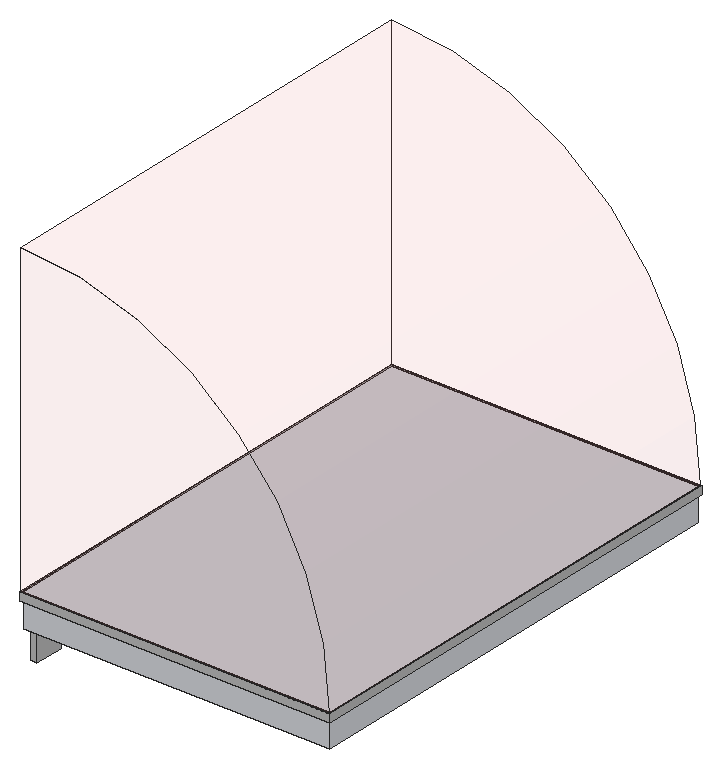
Revit family "Door_Access_Fire-Ceiling_Acudor_FWC-5015", category Generic Models, host Face, Revit 2020
Family settings
  Host = Face
  Can host rebar = No
  Round Connector Dimension = Use Diameter
  Part Type = Normal
  Cut with Voids When Loaded = No
  Shared = No
  Room Calculation Point = No
Parameters (values of type "24 x 36 Nom")
  Warranty Duration (Years) = 0
  Unit Width = 2' - 0 3/16"
  Unit Weight = 44
  Unit Height = 3' - 0 3/16"
  Unit Depth = 0' - 5"
  URL = "http://www.acudor.com/"
  Test Data = ""
  Swing Clearance Visible [instance] = yes
  Standards Conformance = "CAN/ULC S101-14  ;  ASTM E119-16  ;  NFPA 251"
  Specification = ""
  SpecWizard = ""
  Send Message = ""
  Sales Information = "http://www.acudor.com/contactus"
  Revision = "R1_2017-03"
  Product Properties = ""
  Product Data = "http://www.arcat.com/arcatcos/cos30/arc30126.html"
  Overall Width = 2' - 2 1/2"
  Overall Height = 3' - 2 1/2"
  Opening Width = Unit Width + 0' 0 3/8"  # 2' - 0 9/16"
  Opening Height = Unit Height + 0' 0 3/8"  # 3' - 0 9/16"
  Opening Depth [instance] = 1' - 0"
  Mounting Height [instance] = 2' - 0"
  Model = "FWC-5015"
  Manufacturer Website = "http://www.acudor.com/"
  Manufacturer Phone - Toll Free = "800-722-0501"
  Manufacturer Phone = "973-575-5120"
  Manufacturer Fax = "973-575-5160"
  Manufacturer Address = "80 Little Falls Rd.  Fairfield, NJ 07004"
  Manufacturer = "Acudor Products Inc"
  Maintenance Schedule (Months) = 0
  Keynote = ""
  Installation-Fabrication = ""
  Installation Phase = ""
  Green Building-LEED = "http://www.arcat.com/green/clients/leed_data_30126.html"
  Fixture Finish [instance] = Metal - Acudor - Steel
  Fire Performance = "90 MIN"
  Expected Lifespan (Years) = 0
  Drywall Finish [instance] = none
  Drawn By = "Sumex Design, Inc. / Robert S. Weygant, CSI, CDT, SCIP"
  Door Width = Unit Width - 0' 0 1/8"  # 2' - 0 1/16"
  Door Height = Unit Height - 0' 0 1/8"  # 3' - 0 1/16"
  Description = "Acudor Fire Rated Recessed Flush Ceiling Drywall Access Door - FWC-5015 as Specified"
  Default Elevation = 0' - 0"  # constant formula
  Copyright = "©Arcat Inc."
  Construction Details = ""
  Clearance Material [instance] = ARCAT Clearance
  Clear Opening Width = 1' - 11.89"
  Clear Opening Height = 2' - 11.83"
  Available Options [instance] = "as Specified"
  Assembly Code = ""
Types (8): name | Unit Width | Unit Weight | Unit Height | Overall Width | Overall Height | Opening Width | Opening Height | Door Width | Door Height | Clear Opening Width | Clear Opening Height
  24 x 36 Nom | 2' - 0 3/16" | 44 | 3' - 0 3/16" | 2' - 2 1/2" | 3' - 2 1/2" | 2' - 0 9/16" | 3' - 0 9/16" | 2' - 0 1/16" | 3' - 0 1/16" | 1' - 11.89" | 2' - 11.83"
  24 x 24 Nom | 2' - 0 3/16" | 35 | 2' - 0 3/16" | 2' - 2 1/2" | 2' - 2 1/2" | 2' - 0 9/16" | 2' - 0 9/16" | 2' - 0 1/16" | 2' - 0 1/16" | 1' - 11.89" | 1' - 11.83"
  22 x 36 Nom | 1' - 10 3/16" | 41 | 3' - 0 3/16" | 2' - 0 1/2" | 3' - 2 1/2" | 1' - 10 9/16" | 3' - 0 9/16" | 1' - 10 1/16" | 3' - 0 1/16" | 1' - 9.89" | 2' - 11.83"
  22 x 30 Nom | 1' - 10 3/16" | 38 | 2' - 6 3/16" | 2' - 0 1/2" | 2' - 8 1/2" | 1' - 10 9/16" | 2' - 6 9/16" | 1' - 10 1/16" | 2' - 6 1/16" | 1' - 9.89" | 2' - 5.83"
  18 x 18 Nom | 1' - 6 3/16" | 21 | 1' - 6 3/16" | 1' - 8 1/2" | 1' - 8 1/2" | 1' - 6 9/16" | 1' - 6 9/16" | 1' - 6 1/16" | 1' - 6 1/16" | 1' - 6.89" | 1' - 5.83"
  16 x 16 Nom | 1' - 4 3/16" | 16 | 1' - 4 3/16" | 1' - 6 1/2" | 1' - 6 1/2" | 1' - 4 9/16" | 1' - 4 9/16" | 1' - 4 1/16" | 1' - 4 1/16" | 1' - 4.89" | 1' - 3.83"
  14 x 14 Nom | 1' - 2 3/16" | 14 | 1' - 2 3/16" | 1' - 4 1/2" | 1' - 4 1/2" | 1' - 2 9/16" | 1' - 2 9/16" | 1' - 2 1/16" | 1' - 2 1/16" | 1' - 2.89" | 1' - 1.83"
  12 x 12 Nom | 1' - 0 3/16" | 11 | 1' - 0 3/16" | 1' - 2 1/2" | 1' - 2 1/2" | 1' - 0 9/16" | 1' - 0 9/16" | 1' - 0 1/16" | 1' - 0 1/16" | 0' - 11.89" | 0' - 11.83"
Reference planes (in)
  plane 1 "Center (Front/Back)": y = -17.90625
  plane 2: z = 0
  plane 3 "Center (Left/Right)": x = 0
  plane 4: y = 0.1875
  plane 5: y = -36
  plane 6: x = -12.09375
  plane 7: x = 12.09375
  plane 8: z = 0
  plane 9: y = 1.34375
  plane 10: y = -37.15625
  plane 11: x = -13.25
  plane 12: x = 13.25
  plane 13: z = -5
  plane 14: x = -12.28125
  plane 15: x = 12.28125
  plane 16: y = 0.375
  plane 17: y = -36.1875
  plane 18: z = -12
  plane 19 "FF": y = -60
Forms (in)
  Extrusion 1, void
    sketch origin (0, 0, 0) x (1, 0, 0) y (0, 1, 0)
      loop
        line (-12.28125, 0.375) -> (-12.28125, -36.1875) -> (12.28125, -36.1875) -> (12.28125, 0.375) -> (-12.28125, 0.375)
    from -12 to -0.125
  Extrusion 2, solid, material "Metal - Acudor - Steel" <- "Fixture Finish"
    sketch origin (0, 0, 0) x (1, 0, 0) y (0, 1, 0)
      loop
        line (-12.09375, 0.1875) -> (-12.09375, -36) -> (12.09375, -36) -> (12.09375, 0.1875) -> (-12.09375, 0.1875)
      loop
        line (-12.03125, -35.9375) -> (12.03125, -35.9375) -> (12.03125, 0.125) -> (-12.03125, 0.125) -> (-12.03125, -35.9375)
    from 0 to -0.625
  Extrusion 3, solid
    sketch origin (0, 0, 0) x (1, 0, 0) y (0, 1, 0)
      loop
        line (-11.90625, 0) -> (-11.90625, -35.8125) -> (11.90625, -35.8125) -> (11.90625, 0) -> (-11.90625, 0)
    from -0.625 to -2.5625
  Extrusion 4, solid, material <- "Drywall Finish"
    sketch origin (0, 0, 0) x (1, 0, 0) y (0, 1, 0)
      loop
        line (-12.03125, 0.125) -> (-12.03125, -35.9375) -> (12.03125, -35.9375) -> (12.03125, 0.125) -> (-12.03125, 0.125)
    from -0.03125 to -0.625
  Extrusion 5, void
    sketch origin (0, 0, 0) x (1, 0, 0) y (0, 1, 0)
      loop
        line (-12.09375, 0.1875) -> (-12.09375, -36) -> (12.09375, -36) -> (12.09375, 0.1875) -> (-12.09375, 0.1875)
    from 0 to -0.125
  Extrusion 6, solid, material "ARCAT Clearance" <- "Clearance Material", visible <- "Swing Clearance Visible"
    sketch origin (0, -17.90625, 0) x (1, 0, 0) y (0, 0, 1)
      loop
        arc (12.03125, 0) -> (4.98351, 17.01476) -> (-12.03125, 24.0625) r 24.0625
        line (-12.03125, 24.0625) -> (-12.03125, 0) -> (12.03125, 0)
    from -18.09375 to 18.09375
  Extrusion 7, solid, material "Metal - Acudor - Steel" <- "Fixture Finish"
    sketch origin (-12.09375, 19.13326, 48) x (0, 1, 0) y (0, 0, 1)
      loop
        line (-54.38326, -50.5625) -> (-54.38326, -53) -> (-52.13326, -53) -> (-52.13326, -50.5625) -> (-54.38326, -50.5625)
      loop
        line (-19.69576, -50.5625) -> (-21.94576, -50.5625) -> (-21.94576, -53) -> (-19.69576, -53) -> (-19.69576, -50.5625)
    from 0.75 to 0.25
Lines and regions (in)
  model lines, style "GenericModelHiddenLines"
    curve 1: line (12.09375, 0.1875, -0.03125) -> (-12.09375, -17.90625, -0.03125)
    curve 2: line (-12.09375, -17.90625, -0.03125) -> (12.09375, -36, -0.03125)
Dimensions and locks (in)
  locked: plane 8 to level
  equal spacing: plane 4, plane 1 "Center (Front/Back)", plane 5
  "Unit Height": plane 4 to plane 5
  equal spacing: plane 6, plane 3 "Center (Left/Right)", plane 7
  "Unit Width": plane 6 to plane 7
  equal spacing: plane 11, plane 3 "Center (Left/Right)", plane 12
  equal spacing: plane 9, plane 1 "Center (Front/Back)", plane 10
  "Overall Width": plane 11 to plane 12
  "Overall Height": plane 9 to plane 10
  "Unit Depth": plane 8 to plane 13
  equal spacing: plane 16, plane 1 "Center (Front/Back)", plane 17
  equal spacing: plane 14, plane 3 "Center (Left/Right)", plane 15
  "Opening Width": plane 14 to plane 15
  "Opening Height": plane 16 to plane 17
  "Opening Depth": level to plane 18
  locked: plane 6 to Extrusion 2 sketch curve at 0.0625
  locked: plane 4 to Extrusion 2 sketch curve at 0.0625
  locked: Extrusion 2 sketch curve to plane 7 at 0.0625
  locked: Extrusion 2 sketch curve to plane 5 at 0.0625
  locked: plane 4 to Extrusion 3 sketch curve at 0.1875
  locked: Extrusion 3 sketch curve to plane 7 at 0.1875
  locked: plane 6 to Extrusion 3 sketch curve at 0.1875
  locked: Extrusion 3 sketch curve to plane 5 at 0.1875
  locked: plane 6 to Extrusion 4 sketch curve at 0.0625
  locked: Extrusion 4 sketch curve to plane 7 at 0.0625
  locked: plane 4 to Extrusion 4 sketch curve at 0.0625
  locked: Extrusion 4 sketch curve to plane 5 at 0.0625
  "Mounting Height": plane 5 to plane 19 "FF"
  locked: Extrusion 6 sketch curve to plane 6 at 0.0625
  plane 5 to Extrusion 7 sketch curve to Extrusion 7 sketch curve = 0' - 0 3/4" locked, 0' - 2 1/4" locked
  Extrusion 7 sketch curve to Extrusion 7 sketch curve to plane 4 = 0' - 2 1/4" locked, 0' - 0 3/4" locked
  "Door Width": radius of Extrusion 6 sketch curve
  aligned and locked: host face to plane 2
  aligned and locked: host face to level
  aligned and locked: Extrusion 1 sketch curve to plane 16
  aligned and locked: Extrusion 1 sketch curve to plane 14
  aligned and locked: plane 17 to Extrusion 1 sketch curve
  aligned and locked: Extrusion 1 sketch curve to plane 15
  aligned and locked: Extrusion 1 to plane 18
  aligned and locked: Extrusion 2 sketch curve to plane 4
  aligned and locked: Extrusion 2 sketch curve to plane 6
  aligned and locked: plane 5 to Extrusion 2 sketch curve
  aligned and locked: Extrusion 2 sketch curve to plane 7
  aligned and locked: Extrusion 5 sketch curve to Extrusion 2  (x4)
  aligned and locked: plane 1 "Center (Front/Back)" to curve 2
  aligned and locked: plane 6 to curve 2
  aligned and locked: Extrusion 6 to plane 5
  aligned and locked: plane 4 to Extrusion 6
Automatic sketch dimensions
  host sketch curve to host sketch curve = 12' - 11.75605"
  host sketch curve to host sketch curve = 12' - 7.74281"
  Extrusion 4 to curve 2 = 0' - 0 1/16"  (x2)
  Extrusion 4 to curve 1 = 0' - 0 1/16"  (x2)
  Extrusion 6 sketch curve to level = 0' - 0"
  Extrusion 6 sketch curve to Extrusion 6 sketch curve = 0' - 0"
  Extrusion 7 sketch curve to plane 13 = 0' - 0"  (x2)
  plane 13 to Extrusion 7 sketch curve = 0' - 2 7/16"  (x2)
